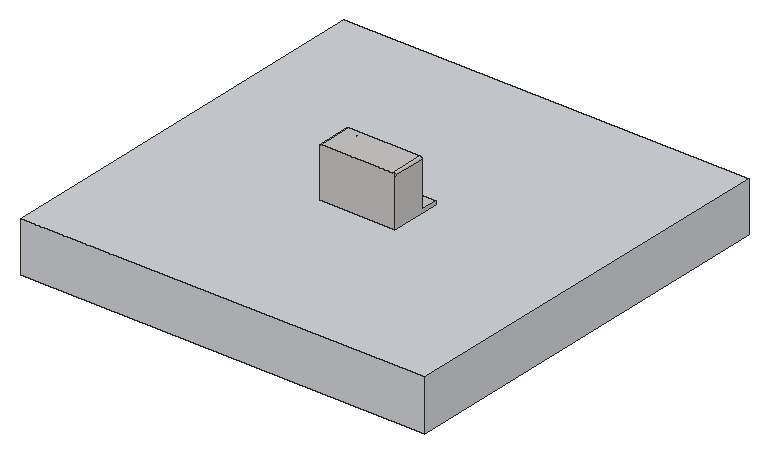
Revit family
Parameters (values of type "1670FA")
  Waste Connection = yes
  WFU = 0
  Voltage = 0
  Vent Connection = no
  VAC - AcornVac System = no
  URL = "http://www.acorneng.com"
  Type Comments = ""
  Tempered Water Connection = no
  TG - 12 Gage Cabinet = no
  TF - Transformer (for up to 12 solenoids) = no
  SW - Wall Sleeve = no
  Revised Date = "02/11/12"
  Phone# = "626-336-4561"
  PBH - Hemispherical Pushbutton = no
  Model = "1670FA"
  Material = 304 Stainless Steel
  Manufacturer = "Acorn Engineering"
  MVC1-BAT - Time-Trol - Single Temp - Battery Operation (Batteries Not Included) = no
  MVC1 - Time-Trol - Single Temp = no
  MT - Metal Template = no
  LWE - Lavy Waste Extension (3" Standard) Specify Length Beyond Fixture = no
  HWFU = 0
  HW Connection = no
  FMT - Fixture Mounted Trim = no
  EVSP1 - Electronic Valve System w/ Piezo Pushbutton = no
  EVS1 - Electronic Valve System - Single Temp = no
  EG - Enviro-Glaze, Specify Color = no
  Designed By = "ATS BIM Team"
  Description = "Drinking Fountain - Front Access"
  Default Elevation = 40"
  CWFU = 0
  CW Connection = yes
  BPH - Bubbler, Hemispherical = no
  BP - Bubbler, Penal = no
  BC - Bubbler, Code = no
  Assembly Code = ""
  Amperage = 0
  09 - Punched for Valve by Others (Specify Punching) = no
  03 - Air-Control, Single Temp, Non-Metering = no
Reference planes (in)
  plane 1 "Center (Front/Back)": y = 0
  plane 2: z = 0
  plane 3 "Center (Left/Right)": x = 0
  plane 4: z = 12
  plane 5: y = -8
  plane 6: y = 4
  plane 7: through (0, -4.15169, 12) normal (0, -0.9272, 0.3746)
  plane 8: y = -1.125
  plane 9: x = 9
  plane 10: x = -9
  plane 11: y = -2.625
  plane 12: x = 4.5
  plane 13: z = 1
Forms (in)
  Extrusion 1, solid
    sketch origin (0, 0, 0) x (1, 0, 0) y (0, 1, 0)
      loop
        line (-48, 48) -> (-48, -48) -> (48, -48) -> (48, 48) -> (-48, 48)
    from 0 to -12
  Extrusion 2, void
    sketch origin (0, 0, 0) x (-1, 0, 0) y (0, 0, 1)
      loop
        arc (-5.6501, 1.88504) -> (-0.2955, 1.28143) -> (5.07116, 1.76626) r 26.675
        arc (5.07116, 1.76626) -> (6.4412, 2.43936) -> (7.28205, 3.71335) r 2.91
        arc (7.28205, 3.71335) -> (7.76139, 6.87766) -> (7.1728, 10.02348) r 9.58967
        arc (7.1728, 10.02348) -> (6.45093, 11.00298) -> (5.31682, 11.44376) r 2.1825
        arc (5.31682, 11.44376) -> (0.16452, 11.67815) -> (-4.98898, 11.47185) r 60.36309
        arc (-4.98898, 11.47185) -> (-6.43025, 10.90015) -> (-7.31008, 9.62343) r 2.6675
        arc (-7.31008, 9.62343) -> (-7.75424, 6.30589) -> (-7.03117, 3.03779) r 9.58967
        arc (-7.03117, 3.03779) -> (-6.48233, 2.29166) -> (-5.6501, 1.88504) r 1.94
    from 0 to -3
  Extrusion 3, solid, material "304 Stainless Steel" <- "Material"
    sketch origin (0, 3.5, 0) x (1, 0, 0) y (0, 1, 0)
      loop
        circle (0, -4.625) r 0.75
    from 0 to -3
  Extrusion 4, solid, material "304 Stainless Steel" <- "Material"
    sketch origin (0, 0, 0) x (1, 0, 0) y (0, 0, 1)
      loop
        line (8.5, 12) -> (-8.5, 12)
        arc (-8.5, 12) -> (-8.85355, 11.85355) -> (-9, 11.5) r 0.5
        line (-9, 11.5) -> (-9, 0) -> (9, 0) -> (9, 11.5)
        arc (9, 11.5) -> (8.85355, 11.85355) -> (8.5, 12) r 0.5
    from 0 to 8
  Extrusion 5, solid, material "304 Stainless Steel" <- "Material"
    sketch origin (0, 0, 0) x (1, 0, 0) y (0, 0, 1)
      loop
        line (9, 1) -> (-9, 1) -> (-9, 0) -> (9, 0) -> (9, 1)
    from -4 to 0
  Extrusion 6, void
    sketch origin (0, -3.5, 0) x (-1, 0, 0) y (0, 0, 1)
      loop
        circle (0, 3.7493) r 0.75
    from 0 to 0.5
  Extrusion 7, solid
    sketch origin (0, 0, 0) x (1, 0, 0) y (0, 1, 0)
      loop
        circle (4.5, -2.625) r 0.25
    from 0.01448 to 0
Cuts and joins
  Extrusion 2, Extrusion 6 cuts Extrusion 4
  Extrusion 6 cuts Extrusion 5
  joined: Extrusion 4, Extrusion 5
Dimensions and locks (in)
  plane 4 to plane 2 = 12"
  plane 1 "Center (Front/Back)" to plane 5 = 8"
  plane 6 to plane 1 "Center (Front/Back)" = 4"
  plane 1 "Center (Front/Back)" to plane 6 = 4"
  plane 5 to plane 1 "Center (Front/Back)" = 8"
  plane 8 to plane 6 = 5 1/8"
  plane 11 to plane 6 = 6 5/8"
  plane 12 to plane 3 "Center (Left/Right)" = 4 1/2"
  angle plane 1 "Center (Front/Back)" to plane 7 = 22.00°
  aligned and locked: plane 2 to Extrusion 1
  aligned and locked: level to Extrusion 1
Connectors (in)
  piping at (0, -1.125, -3)
    settings: on Extrusion 3, index 1
  piping at (4.5, -2.625, 0)
    settings: on Extrusion 7, index 3
